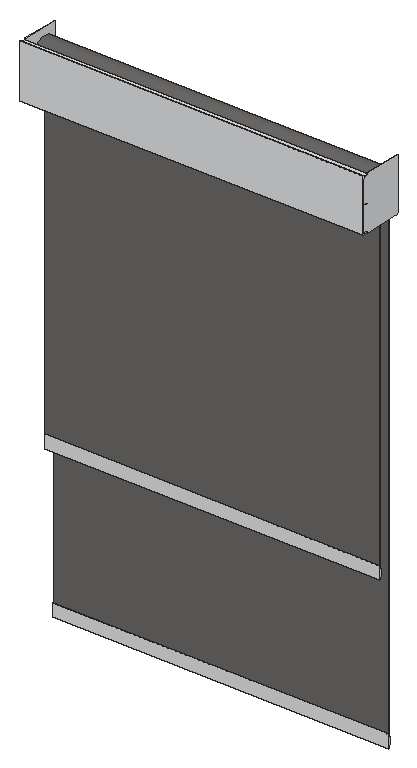
Revit family "Shades-Hunter_Douglas-RB500-Single_Heavy_Duty-Auto-Dual_7in_UM", category Specialty Equipment, Revit 2026
Family settings
  Round Connector Dimension = Use Diameter
  Part Type = Normal
  Classification Number = 23.30.60.14
  Work Plane-Based = No
  Enable Cutting in Views = No
  Always vertical = Yes
  Cut with Voids When Loaded = No
  Maintain Annotation Orientation = No
  Shared = No
  Room Calculation Point = No
Parameters (values of type "Side Mounted")
  URL = "https://www.hunterdouglasarchitectural.com/"
  Type Comments = if(CD_Side Mount, "Side Mounted", "Top Mounted")  # "Side Mounted"
  Model = "Heavy Duty Automated Dual 7in UM"  # constant formula
  Manufacturer = "Hunter Douglas Architectural"  # constant formula
  Description = "Heavy Duty Automatic Roller Shade"  # constant formula
  Default Elevation = 0' - 0"
  CD_Top Mount = not(CD_Side Mount)  # no
  CD_Side Mount = yes
  CD_Opening Percentage Interior [instance] = 50
  CD_Height Opening Interior [instance] = ((CD_Height - CD_Bracket Height - 0' 1 101/256") * CD_Opening Percentage Interior) / 100  # 3' - 7 145/256"
  CD_Width [instance] = 4' - 0"
  CD_Warranty = "https://assets.hunterdouglasarchitectural.com/documents/RB500/Lifetime_Guarantee_HDA.pdf?_rand=1465740819000"
  CD_Screen Offset From Face = 0' - 0 219/256"  # constant formula
  CD_Product Page URL = "https://www.hunterdouglasarchitectural.com/windowcoverings/rollershades/RB500/index.jsp"
  CD_Product Name = "RB 500 Roller Shade System"  # constant formula
  CD_Product Documentation Link = "https://www.hunterdouglasarchitectural.com/windowcoverings/rollershades/RB500/index.jsp#cadDrawing"
  CD_Opening Percentage [instance] = 25
  CD_Microsite = "https://microsite.caddetails.com/1669"
  CD_Install Documentation = "https://www.hunterdouglasarchitectural.com/windowcoverings/rollershades/RB500/index.jsp#installationPage"
  CD_Height Opening [instance] = ((CD_Height - CD_Bracket Height - 0' 1 101/256") * CD_Opening Percentage) / 100  # 1' - 9.7832"
  CD_Height [instance] = 8' - 0"
  CD_Finish Rail = Metal-Aluminum-Hunter_Douglas-Anodized
  CD_Finish Frame = Metal-Aluminum-Hunter_Douglas-Anodized
  CD_Finish = Fabric-Shade-Hunter_Douglas-5%-E_Screen-Charcoal_Cocoa
  CD_Fabric Sizing Disclaimer = "Designer to verify maximum fabric size with Manufacturer as the maximum fabric size is dependent on finished dimensions"  # constant formula
  CD_Bracket Height = 0' - 7 121/256"  # constant formula
  CD_Bracket Depth = 0' - 5 7/8"  # constant formula
  Assembly Code = "E2010300"
Types (3): name | Type Comments | CD_Top Mount | CD_Side Mount
  (no name) | "Side Mounted" | no | yes
  Top Mounted | "Top Mounted" | yes | no
  Side Mounted | "Side Mounted" | no | yes
Reference planes (in)
  plane 1 "Center (Front/Back)": y = -0.96252
  plane 2 "Bottom": z = 0
  plane 3 "Center (Left/Right)": x = 0
  plane 4 "Top": z = 96
  plane 5 "Left": x = -24
  plane 6 "Right": x = 24
  plane 7 "Back": y = 2.9375
  plane 8 "Front": y = -2.9375
  plane 9 "Opening": z = 21.7832
  plane 10 "Head Height": z = 88.52734
  plane 11 "Shade Left": x = -23.44922
  plane 12 "Shade Right": x = 23.44922
  plane 13 "Blind Location": y = 2.08203
  plane 14 "Center L/AA": y = 0.55238
  plane 15 "Interior Opening": z = 43.56641
  plane 16 "Center (Elevation)": z = 90.39478
Forms (in)
  Extrusion 1, solid, material "Fabric-Shade-Hunter_Douglas-5%-E_Screen-Charcoal_Cocoa" <- "CD_Finish"
    sketch origin (0, 0, -0.25) x (0, 1, 0) y (0, 0, 1)
      loop
        arc (2.09939, 94.21096) -> (-1.04586, 94.11351) -> (2.06626, 93.64791) r 1.57974
        line (2.06626, 93.64791) -> (2.06626, 89.77828) -> (2.09939, 89.77828) -> (2.09939, 94.21096)
    from -23.44922 to 23.44922
  Extrusion 2, solid, material "Metal-Aluminum-Hunter_Douglas-Anodized" <- "CD_Finish Frame", detail levels coarse
    sketch origin (0, 0, 0) x (0, 1, 0) y (0, 0, 1)
      loop
        line (2.9375, 88.52734) -> (2.9375, 96) -> (-2.9375, 96) -> (-2.9375, 88.52734) -> (2.9375, 88.52734)
    from -24 to 24
  Extrusion 3, solid, material "Metal-Aluminum-Hunter_Douglas-Anodized" <- "CD_Finish Rail", detail levels fine
    sketch origin (0, -0.0067, -20.35107) x (0, 1, 0) y (0, 0, 1)
      loop
        line (2.33139, 43.2185) -> (2.11099, 43.9504) -> (2.06454, 43.9504) -> (2.06454, 42.13427) -> (2.14953, 42.13427) -> (2.30236, 42.706)
        arc (2.30236, 42.706) -> (2.333, 42.96133) -> (2.33139, 43.2185) r 2.04732
    from -23.44922 to 23.44922
  Extrusion 4, solid, material "Fabric-Shade-Hunter_Douglas-5%-E_Screen-Charcoal_Cocoa" <- "CD_Finish"
    sketch origin (0, 0, 0) x (0, 1, 0) y (0, 0, 1)
      loop
        line (2.09952, 21.7832) -> (2.09952, 89.52828) -> (2.06454, 89.52828) -> (2.06454, 21.7832) -> (2.09952, 21.7832)
    from -23.44922 to 23.44922
  Extrusion 5, solid, material "Metal-Aluminum-Hunter_Douglas-Anodized" <- "CD_Finish Frame", detail levels medium+fine
    sketch origin (24, -0.74982, 0) x (0, 0, 1) y (0, -1, 0)
      loop
        line (95.73499, 2.18768) -> (92.59101, 2.18768)
        arc (92.59101, 2.18768) -> (92.41423, 2.11445) -> (92.341, 1.93767) r 0.25001
        line (92.341, 1.93767) -> (92.341, 1.56266) -> (92.185, 1.56266) -> (92.185, 1.93767)
        arc (92.185, 1.93767) -> (92.11177, 2.11445) -> (91.93499, 2.18768) r 0.25001
        line (91.93499, 2.18768) -> (88.79101, 2.18768) -> (88.79101, 1.43765) -> (88.526, 1.43765) -> (88.526, -3.43731)
        arc (88.526, -3.43731) -> (88.59923, -3.61409) -> (88.77601, -3.68732) r 0.25001
        line (88.77601, -3.68732) -> (96, -3.68732) -> (96, 1.43765) -> (95.73499, 1.43765) -> (95.73499, 2.18768)
    from -0.125 to 0
  Extrusion 6, solid, material "Fabric-Shade-Hunter_Douglas-5%-E_Screen-Charcoal_Cocoa" <- "CD_Finish"
    sketch origin (0, -3.5, -0.25) x (0, 1, 0) y (0, 0, 1)
      loop
        arc (4.06974, 91.04204) -> (0.95578, 90.70337) -> (4.03661, 90.13777) r 1.58276
        line (4.03661, 90.13777) -> (4.03661, 87.80438) -> (4.06974, 87.80438) -> (4.06974, 91.04204)
    from -23.44922 to 23.44922
  Extrusion 7, solid, material "Fabric-Shade-Hunter_Douglas-5%-E_Screen-Charcoal_Cocoa" <- "CD_Finish"
    sketch origin (0, -3.5, 0) x (0, 1, 0) y (0, 0, 1)
      loop
        line (4.06987, 43.56641) -> (4.06987, 90.39844) -> (4.03489, 90.39844) -> (4.03489, 43.56641) -> (4.06987, 43.56641)
    from -23.44922 to 23.44922
  Extrusion 8, solid, material "Metal-Aluminum-Hunter_Douglas-Anodized" <- "CD_Finish Rail", detail levels fine
    sketch origin (0, 0, 0) x (0, 1, 0) y (0, 0, 1)
      loop
        arc (0.76601, 44.13813) -> (0.79993, 44.39432) -> (0.76706, 44.65064) r 1
        line (0.76706, 44.65064) -> (0.57464, 45.38253) -> (0.52819, 45.38253) -> (0.52819, 43.56641) -> (0.61318, 43.56641) -> (0.76601, 44.13813)
    from -23.44922 to 23.44922
  Extrusion 9, solid, material "Metal-Aluminum-Hunter_Douglas-Anodized" <- "CD_Finish Frame", detail levels medium+fine
    sketch origin (-24, 0, 0) x (0, 0, 1) y (0, -1, 0)
      loop
        line (95.73499, 2.9375) -> (92.59101, 2.9375)
        arc (92.59101, 2.9375) -> (92.41423, 2.86427) -> (92.341, 2.68749) r 0.25001
        line (92.341, 2.68749) -> (92.341, 2.31248) -> (92.185, 2.31248) -> (92.185, 2.68749)
        arc (92.185, 2.68749) -> (92.11177, 2.86427) -> (91.93499, 2.9375) r 0.25001
        line (91.93499, 2.9375) -> (88.79101, 2.9375) -> (88.79101, 2.18747) -> (88.526, 2.18747) -> (88.526, -2.68749)
        arc (88.526, -2.68749) -> (88.59923, -2.86427) -> (88.77601, -2.9375) r 0.25001
        line (88.77601, -2.9375) -> (96, -2.9375) -> (96, 2.18747) -> (95.73499, 2.18747) -> (95.73499, 2.9375)
    from 0 to 0.125
  Extrusion 10, solid, material "Metal-Aluminum-Hunter_Douglas-Anodized" <- "CD_Finish Frame", detail levels medium+fine
    sketch origin (0, 0, 0) x (0, 1, 0) y (0, 0, 1)
      loop
        line (-2.31248, 95.86) -> (-2.9375, 95.86) -> (-2.9375, 96) -> (-3.0315, 96) -> (-3.0315, 88.526) -> (-2.9375, 88.526) -> (-2.9375, 88.667) -> (-2.31248, 88.667) -> (-2.31248, 88.76001) -> (-2.9375, 88.76001) -> (-2.9375, 95.76599) -> (-2.31248, 95.76599) -> (-2.31248, 95.86)
    from -24 to 24
Cuts and joins
  joined: Extrusion 1, Extrusion 4
  joined: Extrusion 6, Extrusion 7
Lines and regions (in)
  Masking region 1, detail levels fine
    outline origin (0, -0.0067, 0.31605) x (0, 1, 0) y (0, 0, 1)
      loop
        line (2.30341, 22.55138) -> (2.11099, 23.28328) -> (2.06454, 23.28328) -> (2.06454, 21.46715) -> (2.14953, 21.46715) -> (2.30236, 22.03887)
        arc (2.30236, 22.03887) -> (2.33628, 22.29506) -> (2.30341, 22.55138) r 1
  Masking region 2, detail levels fine
    outline origin (0, 0, 0) x (0, 1, 0) y (0, 0, 1)
      loop
        line (0.76706, 44.65064) -> (0.57464, 45.38253) -> (0.52819, 45.38253) -> (0.52819, 43.56641) -> (0.61318, 43.56641) -> (0.76601, 44.13813)
        arc (0.76601, 44.13813) -> (0.79993, 44.39432) -> (0.76706, 44.65064) r 1
Dimensions and locks (in)
  "CD_Height": plane 4 "Top" to plane 2 "Bottom"
  equal spacing: plane 5 "Left", plane 3 "Center (Left/Right)", plane 6 "Right"
  "CD_Width": plane 5 "Left" to plane 6 "Right"
  plane 1 "Center (Front/Back)" to plane 7 "Back" = 0' - 3.90002"
  "CD_Bracket Depth": plane 8 "Front" to plane 7 "Back"
  Extrusion 4 sketch curve to plane 13 "Blind Location" to Extrusion 4 sketch curve = 0' - 0.01749" locked, 0' - 0.01749" locked
  locked: plane 5 "Left" to plane 11 "Shade Left" at 0.55078
  locked: plane 12 "Shade Right" to plane 6 "Right" at 0.55078
  "CD_Height Opening": plane 9 "Opening" to level
  "CD_Bracket Height": plane 4 "Top" to plane 10 "Head Height"
  "CD_Screen Offset From Face": plane 13 "Blind Location" to plane 7 "Back"
  Masking region 1 sketch curve to plane 9 "Opening" to Masking region 1 sketch curve to Masking region 1 sketch curve to Masking region 1 sketch curve = 0' - 0" locked, 0' - 0.57173" locked, 0' - 0.51251" locked, 0' - 0.7319" locked
  Masking region 1 sketch curve to Masking region 1 sketch curve to Masking region 1 sketch curve to plane 13 "Blind Location" to Extrusion 4 = 0' - 0.18675" locked, 0' - 0.03854" locked, 0' - 0.02226" locked, 0' - 0.01749" locked
  Extrusion 3 sketch curve to plane 9 "Opening" to Extrusion 3 sketch curve to Extrusion 3 sketch curve to Extrusion 3 sketch curve = 0' - 0" locked, 0' - 0.57173" locked, 0' - 0.51251" locked, 0' - 0.7319" locked
  Extrusion 3 sketch curve to Extrusion 3 sketch curve to Extrusion 3 sketch curve to plane 13 "Blind Location" to Extrusion 4 = 0' - 0.18675" locked, 0' - 0.03854" locked, 0' - 0.02226" locked, 0' - 0.01749" locked
  plane 4 "Top" to Extrusion 1 sketch curve to Extrusion 1 sketch curve to Extrusion 1 sketch curve = 0' - 0.64953" locked, 0' - 3.15948" locked, 0' - 2.66271" locked
  Extrusion 1 sketch curve to plane 13 "Blind Location" to Extrusion 1 sketch curve to Extrusion 1 sketch curve = 0' - 0.01736" locked, 0' - 0.01577" locked, 0' - 3.11485" locked
  locked: plane 6 "Right" to Extrusion 5 at 0.125
  locked: plane 4 "Top" to Extrusion 4 sketch curve at 6.47172
  Extrusion 7 sketch curve to plane 14 "Center L/AA" to Extrusion 7 sketch curve = 0' - 0.01749" locked, 0' - 0.01749" locked
  locked: plane 14 "Center L/AA" to Extrusion 7 at 0.01749
  Extrusion 6 sketch curve to Extrusion 6 sketch curve to plane 10 "Head Height" to Extrusion 6 sketch curve = 0' - 3.16551" locked, 0' - 0.28533" locked, 0' - 0.97296" locked
  Extrusion 6 sketch curve to plane 14 "Center L/AA" to Extrusion 6 sketch curve to Extrusion 6 sketch curve = 0' - 0.01736" locked, 0' - 0.01577" locked, 0' - 3.08189" locked
  "CD_Height Opening Interior": plane 15 "Interior Opening" to level
  Extrusion 8 sketch curve to Extrusion 8 sketch curve to Extrusion 8 sketch curve to Extrusion 8 sketch curve to Extrusion 8 sketch curve to plane 14 "Center L/AA" to Extrusion 8 sketch curve = 0' - 0.03287" locked, 0' - 0.00105" locked, 0' - 0.15283" locked, 0' - 0.03854" locked, 0' - 0.02226" locked, 0' - 0.02419" locked
  Extrusion 8 sketch curve to Extrusion 8 sketch curve to Extrusion 8 sketch curve to plane 15 "Interior Opening" to Extrusion 8 sketch curve = 0' - 0.7319" locked, 0' - 0.51251" locked, 0' - 0.57173" locked, 0' - 0" locked
  Masking region 2 sketch curve to plane 14 "Center L/AA" to Masking region 2 sketch curve to Masking region 2 sketch curve to Masking region 2 sketch curve to Masking region 2 sketch curve to Masking region 2 sketch curve = 0' - 0.02419" locked, 0' - 0.02226" locked, 0' - 0.03854" locked, 0' - 0.15283" locked, 0' - 0.00105" locked, 0' - 0.03287" locked
  Masking region 2 sketch curve to Masking region 2 sketch curve to Masking region 2 sketch curve to plane 15 "Interior Opening" to Masking region 2 sketch curve = 0' - 0.7319" locked, 0' - 0.51251" locked, 0' - 0.57173" locked, 0' - 0" locked
  locked: plane 13 "Blind Location" to plane 14 "Center L/AA" at 1.52965
  Extrusion 5 sketch curve to Extrusion 5 sketch curve to Extrusion 5 sketch curve to Extrusion 5 sketch curve to Extrusion 5 sketch curve to Extrusion 5 sketch curve to Extrusion 5 sketch curve to Extrusion 5 sketch curve to Extrusion 5 sketch curve = 0' - 0.26501" locked, 0' - 3.14398" locked, 0' - 0 1/4" locked, 0' - 0.15601" locked, 0' - 0 1/4" locked, 0' - 3.14398" locked, 0' - 0.015" locked, 0' - 0 1/4" locked
  Extrusion 5 sketch curve to plane 7 "Back" to Extrusion 5 sketch curve to Extrusion 5 sketch curve to Extrusion 5 sketch curve to Extrusion 5 sketch curve to Extrusion 5 sketch curve to Extrusion 5 sketch curve to Extrusion 5 sketch curve = 0' - 0" locked, 0' - 5.12497" locked, 0' - 0" locked, 0' - 0 1/8" locked, 0' - 0 3/8" locked, 0' - 0" locked, 0' - 0 1/4" locked, 0' - 0" locked
  Extrusion 9 sketch curve to Extrusion 9 sketch curve to Extrusion 9 sketch curve to Extrusion 9 sketch curve to Extrusion 9 sketch curve to Extrusion 9 sketch curve to Extrusion 9 sketch curve to Extrusion 9 sketch curve to Extrusion 9 sketch curve = 0' - 0.26501" locked, 0' - 3.14398" locked, 0' - 0 1/4" locked, 0' - 0.15601" locked, 0' - 0 1/4" locked, 0' - 3.14398" locked, 0' - 0.015" locked, 0' - 0 1/4" locked
  Extrusion 9 sketch curve to Extrusion 9 sketch curve to Extrusion 9 sketch curve to Extrusion 9 sketch curve to Extrusion 9 sketch curve to Extrusion 9 sketch curve to Extrusion 9 sketch curve to Extrusion 9 sketch curve = 0' - 5.12497" locked, 0' - 0" locked, 0' - 0 1/8" locked, 0' - 0 3/8" locked, 0' - 0" locked, 0' - 0 1/4" locked, 0' - 0" locked
  locked: Extrusion 9 to plane 5 "Left" at 0.125
  locked: plane 16 "Center (Elevation)" to plane 10 "Head Height" at 1.86744
  locked: plane 8 "Front" to plane 1 "Center (Front/Back)" at 1.97498
  aligned and locked: plane 2 "Bottom" to level
  aligned and locked: plane 4 "Top" to Extrusion 2 sketch curve
  aligned and locked: plane 8 "Front" to Extrusion 2 sketch curve
  aligned and locked: Extrusion 2 sketch curve to plane 7 "Back"
  aligned and locked: Extrusion 2 sketch curve to plane 10 "Head Height"
  aligned and locked: Extrusion 2 to plane 5 "Left"
  aligned and locked: plane 6 "Right" to Extrusion 2
  aligned and locked: Extrusion 4 to plane 11 "Shade Left"
  aligned and locked: plane 12 "Shade Right" to Extrusion 4
  aligned and locked: Extrusion 3 to plane 11 "Shade Left"
  aligned and locked: plane 12 "Shade Right" to Extrusion 3
  aligned and locked: Extrusion 4 to plane 9 "Opening"
  aligned and locked: cut or joined group of Extrusion 1, Extrusion 4 to plane 11 "Shade Left"  (x2)
  aligned and locked: plane 12 "Shade Right" to cut or joined group of Extrusion 1, Extrusion 4  (x2)
  aligned and locked: plane 6 "Right" to Extrusion 5
  aligned and locked: Extrusion 7 sketch curve to plane 15 "Interior Opening"
  aligned and locked: Extrusion 8 to plane 11 "Shade Left"
  aligned and locked: plane 12 "Shade Right" to Extrusion 8
  aligned and locked: Extrusion 9 to plane 5 "Left"
  aligned and locked: plane 6 "Right" to Extrusion 10
  aligned and locked: Extrusion 10 to plane 5 "Left"
  aligned and locked: Extrusion 7 to plane 11 "Shade Left"
  aligned and locked: plane 12 "Shade Right" to Extrusion 7
  aligned and locked: plane 12 "Shade Right" to Extrusion 6
  aligned and locked: Extrusion 6 to plane 11 "Shade Left"
Automatic sketch dimensions
  plane 13 "Blind Location" to Extrusion 3 sketch curve = 0' - 0.02419"
  Extrusion 3 sketch curve to plane 1 "Center (Front/Back)" = 0' - 1.24478"
  Extrusion 3 sketch curve to Extrusion 3 sketch curve = 0' - 0.15283"
  Extrusion 4 sketch curve to plane 9 "Opening" = 0' - 0"
  plane 13 "Blind Location" to Masking region 1 sketch curve = 0' - 0.02419"
  plane 13 "Blind Location" to Masking region 1 sketch curve = 0' - 0.75245"
  Masking region 1 sketch curve to Masking region 1 sketch curve = 0' - 0.15283"
  plane 10 "Head Height" to Extrusion 7 sketch curve = 0' - 1 223/256"
  Extrusion 9 sketch curve to plane 7 "Back" = 0' - 0"
  Extrusion 9 sketch curve to plane 4 "Top" = 0' - 0"
  Extrusion 10 sketch curve to plane 4 "Top" = 0' - 0"
  Extrusion 10 sketch curve to plane 8 "Front" = 0' - 0"  (x3)
  Extrusion 10 sketch curve to plane 10 "Head Height" = 0' - 0.00134"
  Extrusion 10 sketch curve to Extrusion 10 sketch curve = 0' - 0.094"  (x2)
  plane 10 "Head Height" to Extrusion 10 sketch curve = 0' - 0.23266"
  Extrusion 10 sketch curve to Extrusion 10 sketch curve = 0' - 0.62502"  (x2)
  Extrusion 10 sketch curve to plane 4 "Top" = 0' - 0.14"
  Extrusion 10 sketch curve to Extrusion 10 sketch curve = 0' - 0.093"
  Extrusion 5 sketch curve to plane 4 "Top" = 0' - 0"
